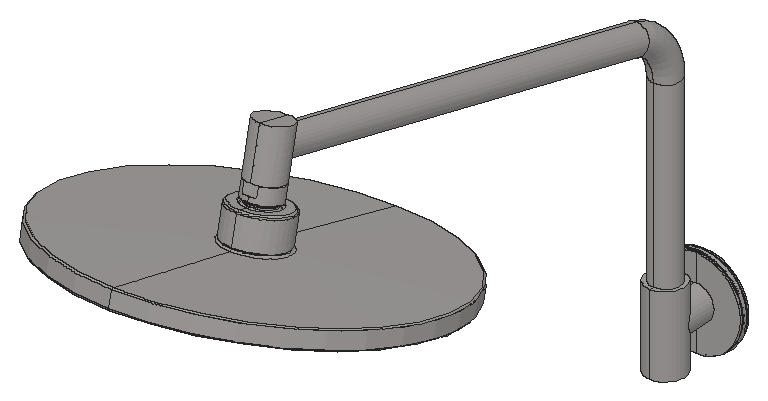
Revit family "Reece_Shower_Milli_Marq Edit_Overhead Shower", category Plumbing Fixtures, host Face, Revit 2018
Family settings
  Host = Face
  Round Connector Dimension = Use Diameter
  Part Type = Normal
  Cut with Voids When Loaded = Yes
  Shared = Yes
  Room Calculation Point = Yes
Parameters (values of type "250 mm_Brushed Gunmetal_3 Star")
  URL = "https://www.reece.com.au/product/-21958"
  Type Comments = "Shower"
  Reece_Shower_Inlet = 12 mm  # constant formula
  Reece_Product_Web Page = "https://www.reece.com.au/product/-21958"
  Reece_Product_Type = "Shower"  # constant formula
  Reece_Product_Sub Brand = "Marq Edit"  # constant formula
  Reece_Product_Number = "21958"
  Reece_Product_Mount = "Wall Mounted"  # constant formula
  Reece_Product_Description = "Milli Marq Edit Overhead Shower with Arm 250mm Brushed Gunmetal (3 Star)"
  Reece_Product_Brand = "Milli"  # constant formula
  Reece_Overall_Projection = 507 mm  # constant formula
  Reece_Material_Secondary = Reece_Brass_Brushed Gunmetal_Knurl Pattern
  Reece_Material_Main = Reece_Brass_Brushed Gunmetal
  Reece_Material_Colour = Reece_Plastic_ABS_Matte Black
  Reece_Height_From_Level [instance] = 1000 mm
  Reece_Fixing_Point_Width [instance] = if(Reece_Base Plate_Distance < 500 mm, 500 mm, if(Reece_Base Plate_Distance > 650 mm, 650 mm, Reece_Base Plate_Distance))  # 650 mm
  Reece_Detail_Installation = ""
  Reece_Detail_Disclaimer = "THIS FILE IS THE PROPERTY OF THE REECE GROUP. IT MAY NOT BE REPRODUCED, REVERSE-ENGINEERED, OR MODIFIED. ANY REPUBLICATION, TRANSMISSION, OR DISTRIBUTION FOR THE PURPOSE OF COMMERCIALLY EXPLOITING THE FILES IS PROHIBITED."  # constant formula
  Reece_Detail_Connector = ""
  Reece_Detail_Additional = "Twin Rail Shower\r\n"  # constant formula
  Reece_Base Plate_Distance [instance] = 650 mm
  Model = "Marq Edit"
  Manufacturer = "Milli"
  Keynote = "Product #21958, Reece_Shower_Milli_Marq Edit_Overhead Shower - 250 mm_Brushed Gunmetal_3 Star"
  Disclaimer = "THIS FILE IS THE PROPERTY OF THE REECE GROUP. IT MAY NOT BE REPRODUCED, REVERSE-ENGINEERED, OR MODIFIED. ANY REPUBLICATION, TRANSMISSION, OR DISTRIBUTION FOR THE PURPOSE OF COMMERCIALLY EXPLOITING THE FILES IS PROHIBITED."  # constant formula
  Description = "Milli Marq Edit Overhead Shower with Arm 250mm Brushed Gunmetal (3 Star)"
  Default Elevation = 0 mm
Types (12, lengths in mm): name | URL | Reece_Product_Web Page | Reece_Product_Number | Reece_Product_Description | Reece_Material_Secondary | Reece_Material_Main | Reece_Material_Colour | Keynote | Description
  250 mm_Brushed Gunmetal_4 Star | "https://www.reece.com.au/product/-21988" | "https://www.reece.com.au/product/-21988" | "21988" | "Milli Marq Edit Overhead Shower with Arm 250mm Brushed Gunmetal (4 Star)" | Reece_Brass_Brushed Gunmetal_Knurl Pattern | Reece_Brass_Brushed Gunmetal | Reece_Plastic_ABS_Matte Black | "Product #21988, Reece_Shower_Milli_Marq Edit_Overhead Shower - 250 mm_Brushed Gunmetal_4 Star" | "Milli Marq Edit Overhead Shower with Arm 250mm Brushed Gunmetal (4 Star)"
  250 mm_Brushed Nickel_4 Star | "https://www.reece.com.au/product/-21986" | "https://www.reece.com.au/product/-21986" | "21986" | "Milli Marq Edit Overhead Shower with Arm 250mm Brushed Nickel (4 Star)" | Reece_Brass_Brushed Nickel_Knurl Pattern | Reece_Brass_Brushed Nickel | Reece_Plastic_White | "Product #21986, Reece_Shower_Milli_Marq Edit_Overhead Shower - 250 mm_Brushed Nickel_4 Star" | "Milli Marq Edit Overhead Shower with Arm 250mm Brushed Nickel (4 Star)"
  250 mm_Polished Chrome_4 Star | "https://www.reece.com.au/product/-21984" | "https://www.reece.com.au/product/-21984" | "21984" | "Milli Marq Edit Overhead Shower with Arm 250mm Chrome (4 Star)" | Reece_Brass_Chrome_Knurl Pattern | Reece_Brass_Chrome | Reece_Plastic_White | "Product #21984, Reece_Shower_Milli_Marq Edit_Overhead Shower - 250 mm_Polished Chrome_4 Star" | "Milli Marq Edit Overhead Shower with Arm 250mm Chrome (4 Star)"
  250 mm_Brushed Bronze_4 Star | "https://www.reece.com.au/product/-21989" | "https://www.reece.com.au/product/-21989" | "21989" | "Milli Marq Edit Overhead Shower with Arm 250mm Brushed Bronze (4 Star)" | Reece_PVD_Brushed Bronze_Knurl Pattern | Reece_PVD_Brushed Bronze | Reece_Plastic_White | "Product #21989, Reece_Shower_Milli_Marq Edit_Overhead Shower - 250 mm_Brushed Bronze_4 Star" | "Milli Marq Edit Overhead Shower with Arm 250mm Brushed Bronze (4 Star)"
  250 mm_Matte Black_4 Star | "https://www.reece.com.au/product/-21985" | "https://www.reece.com.au/product/-21985" | "21985" | "Milli Marq Edit Overhead Shower with Arm 250mm Matte Black (4 Star)" | Reece_Brass_Matte Black_Knurl Pattern | Reece_Brass_Matte Black | Reece_Plastic_ABS_Matte Black | "Product #21985, Reece_Shower_Milli_Marq Edit_Overhead Shower - 250 mm_Matte Black_4 Star" | "Milli Marq Edit Overhead Shower with Arm 250mm Matte Black (4 Star)"
  250 mm_Brushed Gold_4 Star | "https://www.reece.com.au/product/-21987" | "https://www.reece.com.au/product/-21987" | "21987" | "Milli Marq Edit Overhead Shower with Arm 250mm Brushed Gold (4 Star)" | Reece_PVD_Brushed Gold_Knurl Pattern | Reece_PVD_Brushed Gold | Reece_Plastic_White | "Product #21987, Reece_Shower_Milli_Marq Edit_Overhead Shower - 250 mm_Brushed Gold_4 Star" | "Milli Marq Edit Overhead Shower with Arm 250mm Brushed Gold (4 Star)"
  250 mm_Brushed Gold_3 Star | "https://www.reece.com.au/product/-21957" | "https://www.reece.com.au/product/-21957" | "21957" | "Milli Marq Edit Overhead Shower with Arm 250mm Brushed Gold (3 Star)" | Reece_PVD_Brushed Gold_Knurl Pattern | Reece_PVD_Brushed Gold | Reece_Plastic_White | "Product #21957, Reece_Shower_Milli_Marq Edit_Overhead Shower - 250 mm_Brushed Gold_3 Star" | "Milli Marq Edit Overhead Shower with Arm 250mm Brushed Gold (3 Star)"
  250 mm_Matte Black_3 Star | "https://www.reece.com.au/product/-21955" | "https://www.reece.com.au/product/-21955" | "21955" | "Milli Marq Edit Overhead Shower with Arm 250mm Matte Black (3 Star)" | Reece_Brass_Matte Black_Knurl Pattern | Reece_Brass_Matte Black | Reece_Plastic_ABS_Matte Black | "Product #21955, Reece_Shower_Milli_Marq Edit_Overhead Shower - 250 mm_Matte Black_3 Star" | "Milli Marq Edit Overhead Shower with Arm 250mm Matte Black (3 Star)"
  250 mm_Brushed Gunmetal_3 Star | "https://www.reece.com.au/product/-21958" | "https://www.reece.com.au/product/-21958" | "21958" | "Milli Marq Edit Overhead Shower with Arm 250mm Brushed Gunmetal (3 Star)" | Reece_Brass_Brushed Gunmetal_Knurl Pattern | Reece_Brass_Brushed Gunmetal | Reece_Plastic_ABS_Matte Black | "Product #21958, Reece_Shower_Milli_Marq Edit_Overhead Shower - 250 mm_Brushed Gunmetal_3 Star" | "Milli Marq Edit Overhead Shower with Arm 250mm Brushed Gunmetal (3 Star)"
  250 mm_Polished Chrome_3 Star | "https://www.reece.com.au/product/-21954" | "https://www.reece.com.au/product/-21954" | "21954" | "Milli Marq Edit Overhead Shower with Arm 250mm Chrome (3 Star)" | Reece_Brass_Chrome_Knurl Pattern | Reece_Brass_Chrome | Reece_Plastic_White | "Product #21954, Reece_Shower_Milli_Marq Edit_Overhead Shower - 250 mm_Polished Chrome_3 Star" | "Milli Marq Edit Overhead Shower with Arm 250mm Chrome (3 Star)"
  250 mm_Brushed Nickel_3 Star | "https://www.reece.com.au/product/-21956" | "https://www.reece.com.au/product/-21956" | "21956" | "Milli Marq Edit Overhead Shower with Arm 250mm Brushed Nickel (3 Star)" | Reece_Brass_Brushed Nickel_Knurl Pattern | Reece_Brass_Brushed Nickel | Reece_Plastic_White | "Product #21956, Reece_Shower_Milli_Marq Edit_Overhead Shower - 250 mm_Brushed Nickel_3 Star" | "Milli Marq Edit Overhead Shower with Arm 250mm Brushed Nickel (3 Star)"
  250 mm_Brushed Bronze_3 Star | "https://www.reece.com.au/product/-21959" | "https://www.reece.com.au/product/-21959" | "21959" | "Milli Marq Edit Overhead Shower with Arm 250mm Brushed Bronze (3 Star)" | Reece_PVD_Brushed Bronze_Knurl Pattern | Reece_PVD_Brushed Bronze | Reece_Plastic_White | "Product #21959, Reece_Shower_Milli_Marq Edit_Overhead Shower - 250 mm_Brushed Bronze_3 Star" | "Milli Marq Edit Overhead Shower with Arm 250mm Brushed Bronze (3 Star)"
Reference planes
  plane 1 "Center (Front/Back)": y = 0
  plane 2 "Height From Floor": z = 1000
  plane 3 "Center (Left/Right)": x = 0
  plane 4 "Bottom Of Invisible Line": z = -5
  plane 5: y = -382
  plane 6: y = -507
  plane 7: z = 1187
  plane 8: z = 969
  plane 9: through (0, -366.626, 1270.616) normal (0, -0.9744, 0.225)
  plane 10: y = -32
Forms (mm)
  Revolve 1, solid, material "Reece_Brass_Brushed Gunmetal" <- "Reece_Material_Main"
    sketch origin (0, 0, 0) x (0, 1, 0) y (0, 0, 1)
      loop
        line (-6.5, 1012.5) -> (-32, 1012.5) -> (-32, 1000) -> (-6.5, 1000) -> (-6.5, 1012.5)
      axis (-6.5, 1000) -> (-32, 1000)
    angle from 0 to 360
  Sweep 2, solid, material "Reece_Brass_Brushed Gunmetal" <- "Reece_Material_Main"
    path origin (0, 0, 0) x (0, 1, 0) y (0, 0, 1)
      loop
        line (-32, 1000) -> (-32, 1150.126)
        arc (-32, 1150.126) -> (-39.609, 1171.914) -> (-59.127, 1184.229) r 35
        line (-59.127, 1184.229) -> (-370, 1256)
    profile origin (0, -32, 1075.063) x (0, -1, 0) y (1, 0, 0)
      loop
        circle (0, 0) r 10
  Revolve 3, solid, material "Reece_Brass_Brushed Gunmetal" <- "Reece_Material_Main"
    sketch origin (0, 0, 0) x (0, 1, 0) y (0, 0, 1)
      loop
        line (-366.626, 1270.616) -> (-374.342, 1237.195) -> (-362.162, 1234.383) -> (-354.446, 1267.804) -> (-366.626, 1270.616)
      axis (-366.626, 1270.616) -> (-374.342, 1237.195)
    angle from 0 to 360
  Revolve 4, solid, material "Reece_Brass_Brushed Gunmetal" <- "Reece_Material_Main"
    sketch origin (0, 0, 0) x (0, 1, 0) y (0, 0, 1)
      loop
        line (-32, 1025) -> (-45, 1025) -> (-45, 970) -> (-41.932, 970) -> (-41.932, 972) -> (-35.5, 972) -> (-35.5, 974) -> (-32, 974) -> (-32, 1025)
      axis (-32, 1025) -> (-32, 970)
    angle from 0 to 360
  Extrusion 5, void
    sketch origin (0, -32, 974) x (-1, 0, 0) y (0, 1, 0)
      loop
        line (-1.992, 0) -> (-0.996, -1.725) -> (0.996, -1.725) -> (1.992, 0) -> (0.996, 1.725) -> (-0.996, 1.725) -> (-1.992, 0)
    from -0.786 to 0.8
Cuts and joins
  Extrusion 5 cuts Revolve 4
  joined: Revolve 1, Sweep 2, Revolve 3, Revolve 4
Lines and regions (mm)
  model lines, style "InvisibleLines"
    curve 1: line (0, 0, -5) -> (0, 0, 1000)
Text (mm)
  text "Reece ©" at (-451.49, -37.234, -1020.679), in view "Ref. Level"
  text "Reece ©" at (2819.023, -2491.884, 4473.774), in view "Reece Preview"
Dimensions and locks
  locked: level to plane 4 "Bottom Of Invisible Line" at 5
  "Reece_Overall_Projection": plane 6 to plane 1 "Center (Front/Back)"
  locked: plane 1 "Center (Front/Back)" to plane 10 at 32
  Revolve 4 sketch curve to plane 2 "Height From Floor" to Revolve 4 sketch curve to Revolve 4 sketch curve = 25 mm locked, 28 mm locked, 2 mm locked
  Sweep 2 sketch curve to Sweep 2 sketch curve to Sweep 2 sketch curve to plane 2 "Height From Floor" = 71.771 mm locked, 34.103 mm locked, 150.126 mm locked
  Revolve 3 sketch curve to Revolve 3 sketch curve to Revolve 3 sketch curve to Revolve 3 sketch curve to plane 2 "Height From Floor" = 2.812 mm locked, 30.609 mm locked, 2.812 mm locked, 234.383 mm locked
  locked: plane 2 "Height From Floor" to plane 8 at 31
  locked: plane 7 to plane 8 at 218
  plane 1 "Center (Front/Back)" to Revolve 3 sketch curve to Revolve 3 sketch curve to Revolve 3 sketch curve to Revolve 3 sketch curve = 354.446 mm locked, 7.716 mm locked, 4.464 mm locked, 7.716 mm locked
  "Reece_Height_From_Level": plane 2 "Height From Floor" to level
  aligned and locked: plane 1 "Center (Front/Back)" to nested 1
  aligned and locked: plane 4 "Bottom Of Invisible Line" to curve 1
  aligned and locked: Revolve 1 sketch curve to plane 2 "Height From Floor"
  aligned and locked: plane 2 "Height From Floor" to Revolve 1 sketch curve
  aligned and locked: Revolve 3 sketch curve to cut or joined group of Revolve 1, Sweep 2, Revolve 3, Revolve 4, Extrusion 5
  aligned and locked: Revolve 4 sketch curve to plane 10
  aligned and locked: plane 2 "Height From Floor" to Sweep 2 sketch curve
  aligned and locked: plane 2 "Height From Floor" to curve 1
Automatic sketch dimensions
  plane 1 "Center (Front/Back)" to Revolve 1 sketch curve = 6.5 mm
  Revolve 1 sketch curve to Revolve 1 sketch curve = 121.465 mm
  Revolve 1 sketch curve to plane 6 = 32.535 mm
  plane 2 "Height From Floor" to Revolve 1 sketch curve = 12.5 mm
  Sweep 2 sketch curve to profile plane = 0 mm  (x2)
  Sweep 2 sketch curve to plane 5 = 12 mm
  plane 5 to Revolve 3 sketch curve = 12.113 mm
  Revolve 3 sketch curve to plane 5 = 27.254 mm
  Revolve 1 sketch curve to Revolve 1 sketch curve = 25.5 mm
  Sweep 2 sketch curve to Sweep 2 sketch curve = 7.873 mm
  plane 1 "Center (Front/Back)" to Sweep 2 sketch curve = 32 mm
  Revolve 4 sketch curve to plane 10 = 0 mm
  Revolve 4 sketch curve to Revolve 4 sketch curve = 6.432 mm
  Revolve 4 sketch curve to Revolve 4 sketch curve = 3.068 mm
  Revolve 4 sketch curve to Revolve 4 sketch curve = 3.5 mm
  Revolve 4 sketch curve to plane 8 = 22.295 mm
  Revolve 4 sketch curve to Revolve 4 sketch curve = 2 mm
  Revolve 4 sketch curve to Revolve 4 sketch curve = 1.705 mm
  Extrusion 5 sketch curve to Revolve 4 = 0.996 mm  (x2)
  Extrusion 5 sketch curve to Extrusion 5 sketch curve = 0.996 mm  (x2)
  Revolve 4 to Extrusion 5 sketch curve = 0.996 mm  (x2)
  Extrusion 5 sketch curve to Extrusion 5 sketch curve = 1.725 mm  (x3)
  curve 1 to plane 1 "Center (Front/Back)" = 0 mm
  radius of Sweep 2 sketch curve = 10 mm
Nested families
  nested 1: "Reece_Shower_Milli_Marq Edit_Base Plate_Nested" at (0, 0, 1000), Reece_Material_Main <- "Reece_Material_Main", Reece_Material_Secondary <- "Reece_Material_Secondary", type "Reece_Shower_Milli_Marq Edit_Base Plate_Nested"
    with Reece_Material_Secondary Reece_Brass_Brushed Gunmetal_Knurl Pattern, Reece_Material_Main Reece_Brass_Brushed Gunmetal, Reece_Height_From_Level 0 mm
  nested 2: "Reece_Shower_Milli_Marq Edit_Shower Head_Rotating_Nested" at (0, -374.342, 1237.195) x (1, 0, 0) z (0, -0.225, -0.9744), Reece_Material_Main <- "Reece_Material_Main", Reece_Material_Secondary <- "Reece_Material_Colour", type "Standard"
    with Reece_Shower Head_Angle 0.00°, Reece_Material_Secondary Reece_Plastic_ABS_Matte Black, Reece_Material_Main Reece_Brass_Brushed Gunmetal, Reece_Angle_Limit 0.00°
Connectors
  piping at (0, 0, 1000), diameter 12, driven by "Reece_Shower_Inlet"
    settings: on nested 1, index 1, connector inside diameter 609.6 mm, connector length 0 mm, flow factor 0, pipe flow 0.0 L/s, pressure drop 0.0 Pa, fitting loss kfactor 0, connector angle 0.00°, fixture units 0, engagement length 0 mm, angle of deflection 0.00°, flow configuration 0, flow direction 1, fitting loss method 0, system type 29, joint type 0, gender type 0, connector reference index -1, connector utility 0, adjustable connector no, is connector primary yes, connector description ""
Definition of nested family "Reece_Shower_Milli_Marq Edit_Base Plate_Nested"
  Parameters (values of type "Reece_Shower_Milli_Marq Edit_Base Plate_Nested")
    Reece_Product_Web Page = ""
    Reece_Product_Type = ""  # constant formula
    Reece_Product_Sub Brand = ""  # constant formula
    Reece_Product_Number = ""
    Reece_Product_Mount = ""  # constant formula
    Reece_Product_Description = ""
    Reece_Product_Brand = ""  # constant formula
    Reece_Overall_Width = 0 mm
    Reece_Overall_Projection = 0 mm
    Reece_Overall_Height = 0 mm
    Reece_Material_Secondary [instance] = none
    Reece_Material_Main [instance] = none
    Reece_Height_From_Level [instance] = 0 mm
    Reece_Detail_Shape = ""
    Reece_Detail_Installation = ""
    Reece_Detail_Connector = ""
    Reece_Detail_Additional = ""
    Default Elevation = 0 mm
  Reference planes
    plane 1 "Center (Front/Back)": y = 0
    plane 2 "Bottom Host Plane": z = 0
    plane 3 "Center (Left/Right)": x = 0
    plane 4: z = 31
    plane 5: z = -31
    plane 6: x = -31
    plane 7: x = 31
  Forms (mm)
    Revolve 1, solid, material <- "Reece_Material_Main"
      sketch origin (0, 0, 0) x (0, 1, 0) y (0, 0, 1)
        loop
          line (0, 0) -> (0, 31) -> (-1, 31) -> (-1.8, 31.5) -> (-1.8, 0) -> (0, 0)
        loop
          line (-6.5, 0) -> (-4.7, 0) -> (-4.7, 31.5) -> (-5.5, 31) -> (-6.5, 31) -> (-6.5, 0)
        axis (0, 0) -> (-6.5, 0)
      angle from 0 to 360
    Revolve 2, solid, material <- "Reece_Material_Secondary"
      sketch origin (0, 0, 0) x (0, 1, 0) y (0, 0, 1)
        loop
          line (-1.8, 31.5) -> (-4.7, 31.5) -> (-4.7, 0) -> (-1.8, 0) -> (-1.8, 31.5)
        axis (-1.8, 0) -> (-4.7, 0)
      angle from 0 to 360
  Text (mm)
    text "Reece ©" at (2720.858, -2603.799, 2692.156), in view "Reece Preview"
    text "Reece ©" at (-402.991, -18.587, 0), in view "Ref. Level"
  Dimensions and locks
    aligned and locked: level to plane 2 "Bottom Host Plane"
    aligned and locked: level to Revolve 1 sketch curve
    aligned and locked: Revolve 1 sketch curve to Revolve 1 sketch curve
Definition of nested family "Reece_Shower_Milli_Marq Edit_Shower Head_Rotating_Nested"
  Parameters (values of type "Standard")
    WFU = 0  # constant formula
    Reece_Tap_Inlet = 12 mm  # constant formula
    Reece_Angle_Limit [instance] = if(Reece_Shower Head_Angle < 0.00°, 0.00°, if(Reece_Shower Head_Angle > 10.00°, 10.00°, Reece_Shower Head_Angle))  # 0.00°
    Reece_Shower Head_Angle [instance] = 0.00°
    Reece_Product_Web Page = ""
    Reece_Product_Type = "Shower"  # constant formula
    Reece_Product_Sub Brand = "Marq Edit"  # constant formula
    Reece_Product_Number = ""  # constant formula
    Reece_Product_Description = ""  # constant formula
    Reece_Product_Brand = "Milli"  # constant formula
    Reece_Overall_Height = 52 mm  # constant formula
    Reece_Overall_Diameter = 250 mm  # constant formula
    Reece_Material_Secondary [instance] = none
    Reece_Material_Main [instance] = none
    Reece_Detail_Shape = "Round"  # constant formula
    Reece_Detail_Additional = "Shower Head"  # constant formula
    HWFU = 0  # constant formula
    Default Elevation = 0 mm
    CWFU = 0  # constant formula
  Reference planes
    plane 1 "Center (Front/Back)": y = 0
    plane 2: z = 0
    plane 3 "Center (Left/Right)": x = 0
    plane 4: x = -125
    plane 5: x = 125
    plane 6: y = 125
    plane 7: y = -125
    plane 8: z = 25
  Forms (mm)
    Extrusion 1, solid
      sketch origin (619.2, 20, 0) x (1, 0, 0) y (0, 1, 0)
        loop
          line (-843.153, 203.827) -> (-843.153, -206.911) -> (-435.255, -206.911) -> (-435.255, 203.827) -> (-843.153, 203.827)
      from 0 to -35.776
    Revolve 2, solid, material <- "Reece_Material_Main"
      sketch origin (0, 0, 50.505) x (0, 0, -1) y (0, 1, 0)
        loop
          line (-0.995, 124.005) -> (-0.995, 0) -> (9.326, 0)
          arc (9.326, 0) -> (18.147, 13.942) -> (34.524, 11.943) r 15.429
          line (34.524, 11.943) -> (35.33, 11.943) -> (35.695, 13.305) -> (36.505, 13.305) -> (36.505, 19) -> (35.298, 20.207)
          arc (35.298, 20.207) -> (34.973, 20.424) -> (34.591, 20.5) r 1
          line (34.591, 20.5) -> (15.175, 20.5) -> (15.175, 19.7) -> (14.375, 19.7) -> (14.375, 20.5)
          arc (14.375, 20.5) -> (13.653, 21.102) -> (13.375, 22) r 1.658
          line (13.375, 22) -> (12.017, 124.005) -> (11.022, 125) -> (0, 125) -> (-0.995, 124.005)
        axis (-0.995, 0) -> (36.505, 0)
      angle from 0 to 360
    Extrusion 3, void
      sketch origin (0, 0, 0) x (0, 1, 0) y (0, 0, 1)
        loop
          line (-11.5, 7.629) -> (-21.709, 7.629) -> (-21.709, -3.152) -> (-11.5, -3.152) -> (-11.5, 7.629)
        loop
          line (11.5, 7.629) -> (11.5, -3.152) -> (21.709, -3.152) -> (21.709, 7.629) -> (11.5, 7.629)
      from -20 to 20
    Revolve 4, solid, material <- "Reece_Material_Main"
      sketch origin (0, 0, 0) x (0, 1, 0) y (0, 0, 1)
        loop
          arc (0, 41.179) -> (-14.48, 31.078) -> (-10, 14) r 15.429
          line (-10, 14) -> (-10, 12.91)
          arc (-10, 12.91) -> (-10.146, 12.389) -> (-10.543, 12.021) r 1
          line (-10.543, 12.021) -> (-12.53, 11) -> (-12.53, 0.71) -> (-11.82, 0) -> (-6, 0) -> (-6, 5) -> (0, 5) -> (0, 41.179)
        axis (0, 41.179) -> (0, 0)
      angle from 0 to 360
    Extrusion 5, solid, material <- "Reece_Material_Secondary", detail levels fine
      sketch origin (0, 0, 51.5) x (0, 1, 0) y (-1, 0, 0)
        loop
          circle (87.5, 0) r 4.3
        loop
          circle (61.872, 61.872) r 4.3
        loop
          circle (0, 87.5) r 4.3
        loop
          circle (46.194, 19.134) r 4.3
        loop
          circle (19.134, 46.194) r 4.3
        loop
          circle (61.872, -61.872) r 4.3
        loop
          circle (0, -87.5) r 4.3
        loop
          circle (46.194, -19.134) r 4.3
        loop
          circle (19.134, -46.194) r 4.3
        loop
          circle (-87.5, 0) r 4.3
        loop
          circle (-61.872, 61.872) r 4.3
        loop
          circle (-46.194, 19.134) r 4.3
        loop
          circle (-19.134, 46.194) r 4.3
        loop
          circle (-61.872, -61.872) r 4.3
        loop
          circle (-46.194, -19.134) r 4.3
        loop
          circle (-19.134, -46.194) r 4.3
      from -0.995 to 0.8
    Extrusion 6, void
      sketch origin (0, 0, 51.5) x (0, 1, 0) y (-1, 0, 0)
        loop
          circle (61.872, 61.872) r 1.3
        loop
          circle (87.5, 0) r 1.3
        loop
          circle (0, 87.5) r 1.3
        loop
          circle (46.194, 19.134) r 1.3
        loop
          circle (19.134, 46.194) r 1.3
        loop
          circle (61.872, -61.872) r 1.3
        loop
          circle (0, -87.5) r 1.3
        loop
          circle (46.194, -19.134) r 1.3
        loop
          circle (19.134, -46.194) r 1.3
        loop
          circle (-61.872, 61.872) r 1.3
        loop
          circle (-87.5, 0) r 1.3
        loop
          circle (-46.194, 19.134) r 1.3
        loop
          circle (-19.134, 46.194) r 1.3
        loop
          circle (-61.872, -61.872) r 1.3
        loop
          circle (-46.194, -19.134) r 1.3
        loop
          circle (-19.134, -46.194) r 1.3
      from 0.381 to 19.821
  Cuts and joins
    Extrusion 3 cuts Revolve 2
    Extrusion 3 cuts Revolve 4
    Extrusion 6 cuts Extrusion 5
  Lines and regions (mm)
    reference lines
      curve 1: line (0, 0, 50.505) -> (0, 0, 25)
  Text (mm)
    text "Reece Copyright © 2018, Reece Ltd." at (-684.407, -223.434, 0), in view "Ref. Level"
    text "Reece ©" at (290.323, 26.521, 334.836), in view "Reece_Preview"
  Dimensions and locks
    equal spacing: plane 7, plane 1 "Center (Front/Back)", plane 6
    "Reece_Overall_Diameter": plane 7 to plane 6
    equal spacing: plane 4, plane 3 "Center (Left/Right)", plane 5
    "Reece_Overall_Diameter": plane 4 to plane 5
    locked: plane 8 to level at 25
    "Reece_Angle_Limit": angle curve 1 to plane 1 "Center (Front/Back)"
    aligned and locked: plane 2 to Extrusion 1
    aligned and locked: level to Extrusion 1
  Automatic sketch dimensions
    Extrusion 1 sketch curve to Extrusion 1 sketch curve = 407.898 mm
    Extrusion 1 sketch curve to Extrusion 1 sketch curve = 410.737 mm
    plane 1 "Center (Front/Back)" to Extrusion 3 sketch curve = 21.709 mm
    Extrusion 3 sketch curve to level = 3.152 mm  (x2)
    Extrusion 3 sketch curve to Extrusion 3 sketch curve = 10.209 mm  (x2)
    Extrusion 3 sketch curve to plane 1 "Center (Front/Back)" = 11.5 mm
    level to Extrusion 3 sketch curve = 7.629 mm  (x2)
    Revolve 4 sketch curve to level = 0 mm
    Revolve 4 sketch curve to plane 1 "Center (Front/Back)" = 0 mm  (x2)
    Revolve 4 sketch curve to Revolve 4 sketch curve = 6 mm  (x2)
    Revolve 4 sketch curve to Revolve 4 sketch curve = 4 mm
    Revolve 4 sketch curve to Revolve 4 sketch curve = 0.543 mm
    Revolve 4 sketch curve to Revolve 4 sketch curve = 0.457 mm
    Revolve 4 sketch curve to Revolve 4 sketch curve = 5.82 mm
    Revolve 4 sketch curve to Revolve 4 sketch curve = 1.987 mm
    level to Revolve 4 sketch curve = 0.71 mm
    Revolve 4 sketch curve to Revolve 4 sketch curve = 5 mm
    Revolve 4 sketch curve to Revolve 4 sketch curve = 1.021 mm
    Revolve 4 sketch curve to Revolve 4 sketch curve = 1.09 mm
    Revolve 4 sketch curve to Revolve 4 sketch curve = 11.75 mm
    Revolve 4 sketch curve to level = 17.778 mm
    Revolve 4 sketch curve to Revolve 4 sketch curve = 15 mm
    Revolve 2 sketch curve to curve 1 = 0 mm  (x2)
    Revolve 2 sketch curve to curve 1 = 26.5 mm
    Revolve 2 sketch curve to Revolve 2 sketch curve = 0.995 mm  (x3)
    Revolve 2 sketch curve to Revolve 2 sketch curve = 10.321 mm
    Revolve 2 sketch curve to Revolve 2 sketch curve = 11.022 mm
    Revolve 2 sketch curve to curve 1 = 12.13 mm
    Revolve 2 sketch curve to Revolve 2 sketch curve = 1 mm
    Revolve 2 sketch curve to Revolve 2 sketch curve = 0.658 mm
    Revolve 2 sketch curve to Revolve 2 sketch curve = 0.8 mm  (x2)
    Revolve 2 sketch curve to curve 1 = 0.75 mm
    curve 1 to Revolve 2 sketch curve = 9.019 mm
    Revolve 2 sketch curve to Revolve 2 sketch curve = 0.067 mm
    Revolve 2 sketch curve to Revolve 2 sketch curve = 0.707 mm  (x2)
    Revolve 2 sketch curve to Revolve 2 sketch curve = 0.806 mm
    Revolve 2 sketch curve to Revolve 2 sketch curve = 0.365 mm
    Revolve 2 sketch curve to Revolve 2 sketch curve = 1.207 mm
    Revolve 2 sketch curve to Revolve 2 sketch curve = 1.362 mm
    Revolve 2 sketch curve to Revolve 2 sketch curve = 5.695 mm
    Revolve 2 sketch curve to Revolve 2 sketch curve = 0.5 mm
    curve 1 to Revolve 2 sketch curve = 19.7 mm
    Revolve 2 sketch curve to Revolve 2 sketch curve = 1.5 mm
    curve 1 to Revolve 2 sketch curve = 124.005 mm
    Revolve 2 sketch curve to Revolve 2 sketch curve = 0 mm
    Revolve 2 sketch curve to Revolve 2 sketch curve = 31.778 mm
    Revolve 2 sketch curve to Revolve 2 sketch curve = 15 mm
    Extrusion 5 sketch curve to Revolve 2 = 0 mm
    Extrusion 5 sketch curve to Extrusion 5 sketch curve = 25.628 mm  (x2)
    Extrusion 5 sketch curve to Extrusion 5 sketch curve = 15.678 mm  (x5)
    Extrusion 5 sketch curve to Extrusion 5 sketch curve = 0 mm  (x2)
    Extrusion 5 sketch curve to Extrusion 5 sketch curve = 27.06 mm  (x8)
    Extrusion 5 sketch curve to Extrusion 5 sketch curve = 19.134 mm  (x4)
    Extrusion 5 sketch curve to Extrusion 5 sketch curve = 38.268 mm  (x4)
    Extrusion 5 sketch curve to Extrusion 5 sketch curve = 42.738 mm  (x2)
    Extrusion 5 sketch curve to Extrusion 5 sketch curve = 41.306 mm  (x3)
    Extrusion 6 sketch curve to Extrusion 6 sketch curve = 0 mm  (x6)
    Extrusion 6 sketch curve to Revolve 2 = 0 mm
    Extrusion 6 sketch curve to Extrusion 6 sketch curve = 25.628 mm  (x2)
    Extrusion 6 sketch curve to Extrusion 6 sketch curve = 15.678 mm  (x5)
    Extrusion 6 sketch curve to Extrusion 6 sketch curve = 27.06 mm  (x8)
    Extrusion 6 sketch curve to Extrusion 6 sketch curve = 19.134 mm  (x4)
    Extrusion 6 sketch curve to Extrusion 6 sketch curve = 38.268 mm  (x4)
    Extrusion 6 sketch curve to Extrusion 6 sketch curve = 42.738 mm  (x2)
    Extrusion 6 sketch curve to Extrusion 6 sketch curve = 41.306 mm  (x3)
    Extrusion 6 sketch curve to Extrusion 6 sketch curve = 1.3 mm  (x2)
    curve 1 to plane 1 "Center (Front/Back)" = 0 mm
    curve 1 to plane 8 = 0 mm
    radius of Extrusion 5 sketch curve = 4.3 mm  (x16)
    radius of Extrusion 6 sketch curve = 1.3 mm  (x14)
